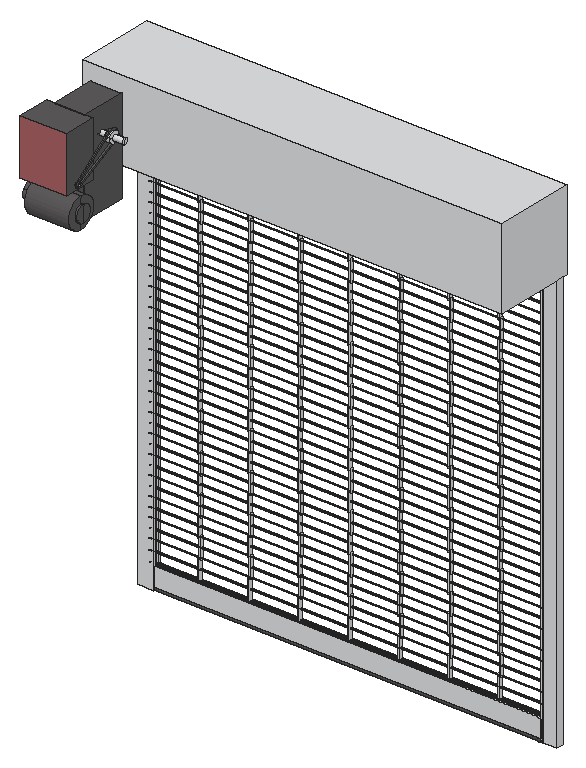
Revit family "Overhead_Door-CHI-LiftReady", category Specialty Equipment, host Wall, Revit 2025
Family settings
  Host = Wall
  Round Connector Dimension = Use Diameter
  Part Type = Normal
  OmniClass Number = 23.30.10.21
  OmniClass Title = Special Function Doors
  Enable Cutting in Views = No
  Always vertical = Yes
  Cut with Voids When Loaded = No
  Maintain Annotation Orientation = No
  Shared = No
  Room Calculation Point = No
Parameters (values of type "Not a Type - Load Type Catalog")
  Warranty URL = "https://www.chiohd.com/support/warranty"
  Version = "2021-v1.a"  # constant formula
  URL = "https://www.chiohd.com/"
  Support Phone = "(224) 699-9545"  # constant formula
  Support Email = "mailto:support@bimsmith.com"
  Product Page URL = "Contact Manufacturer for More Information"
  Product Documentation Link = "Contact Manufacturer for More Information"
  Portcullis = not(Labyrinth)  # yes
  Operator NOTE [instance] = "Determined sizes require a motor operator, please contact the manufacturer for more information"  # constant formula
  Operator Guide [instance] = "1 - Motor Operator - DJ\r\n2 - Motor Operator - DHJ\r\n3 - Manual Operated"  # constant formula
  Desired Opening Width [instance] = 72.00"
  Desired Opening Height [instance] = 72.00"
  C Panel Thickness [instance] = 0.75"  # constant formula
  Operator [instance] = 1
  Opening Width [instance] = if(C Desired Opening Width < Min Width, Min Width, if(C Desired Opening Width > Max Width, Max Width, C Desired Opening Width))  # 72.00"
  Opening Height [instance] = if(C Desired Opening Height < Min Height, Min Height, if(C Desired Opening Height > Max Height, Max Height, C Desired Opening Height))  # 72.00"
  Motor Operator - DJ [instance] = Operator = 1  # yes
  Motor Operator - DHJ [instance] = Operator = 2  # no
  Motor Operated [instance] = or(Operator = 1, Operator = 2)  # yes
  Model = if(Labyrinth, "Labyrinth", "Portcullis")  # "Portcullis"
  Material = Steel - C.H.I Overhead Doors - Clear
  Manufacturer Phone Number = "800-738-5006"  # constant formula
  Manufacturer Fax Number = "800-677-2650"  # constant formula
  Manufacturer Email = "mailto:aia@chiohd.com"
  Manufacturer Address = "1485 Sunrise Drive, Arthur, IL 61911"  # constant formula
  Manufacturer = "C.H.I. Overhead Doors"  # constant formula
  Manual Operated [instance] = Operator = 3  # no
  Labyrinth = no
  Keynote = "08110"
  C Desired Opening Height [instance] = if(or(Desired Opening Height < 36.00", and(Desired Opening Height > 36.00", Desired Opening Height < 48.00"), Desired Opening Height = 36.00"), 36.00", if(or(and(Desired Opening Height > 48.00", Desired Opening Height < 60.00"), Desired Opening Height = 48.00"), 48.00", if(or(and(Desired Opening Height > 60.00", Desired Opening Height < 72.00"), Desired Opening Height = 60.00"), 60.00", if(or(and(Desired Opening Height > 72.00", Desired Opening Height < 84.00"), Desired Opening Height = 72.00"), 72.00", if(or(and(Desired Opening Height > 84.00", Desired Opening Height < 96.00"), Desired Opening Height = 84.00"), 84.00", if(or(and(Desired Opening Height > 96.00", Desired Opening Height < 108.00"), Desired Opening Height = 96.00"), 96.00", if(or(and(Desired Opening Height > 108.00", Desired Opening Height < 120.00"), Desired Opening Height = 108.00"), 108.00", if(or(and(Desired Opening Height > 120.00", Desired Opening Height < 132.00"), Desired Opening Height = 120.00"), 120.00", if(or(and(Desired Opening Height > 132.00", Desired Opening Height < 144.00"), Desired Opening Height = 132.00"), 132.00", if(or(and(Desired Opening Height > 144.00", Desired Opening Height < 150.00"), Desired Opening Height = 144.00"), 144.00", if(or(Desired Opening Height > 150.00", Desired Opening Height = 150.00"), 150.00", 150.00")))))))))))  # 72.00"
  C Desired Opening Width [instance] = if(or(Desired Opening Width < 48.00", and(Desired Opening Width > 48.00", Desired Opening Width < 60.00"), Desired Opening Width = 48.00"), 48.00", if(or(and(Desired Opening Width > 60.00", Desired Opening Width < 72.00"), Desired Opening Width = 60.00"), 60.00", if(or(and(Desired Opening Width > 72.00", Desired Opening Width < 84.00"), Desired Opening Width = 72.00"), 72.00", if(or(and(Desired Opening Width > 84.00", Desired Opening Width < 96.00"), Desired Opening Width = 84.00"), 84.00", if(or(and(Desired Opening Width > 96.00", Desired Opening Width < 108.00"), Desired Opening Width = 96.00"), 96.00", if(or(and(Desired Opening Width > 108.00", Desired Opening Width < 132.00"), Desired Opening Width = 108.00"), 108.00", if(or(and(Desired Opening Width > 132.00", Desired Opening Width < 144.00"), Desired Opening Width = 132.00"), 132.00", if(or(and(Desired Opening Width > 144.00", Desired Opening Width < 156.00"), Desired Opening Width = 144.00"), 144.00", if(or(and(Desired Opening Width > 156.00", Desired Opening Width < 164.00"), Desired Opening Width = 156.00"), 156.00", if(or(and(Desired Opening Width > 164.00", Desired Opening Width < 180.00"), Desired Opening Width = 164.00"), 164.00", if(or(and(Desired Opening Width > 180.00", Desired Opening Width < 192.00"), Desired Opening Width = 180.00"), 180.00", if(or(and(Desired Opening Width > 192.00", Desired Opening Width < 204.00"), Desired Opening Width = 192.00"), 192.00", if(or(and(Desired Opening Width > 204.00", Desired Opening Width < 216.00"), Desired Opening Width = 204.00"), 204.00", if(or(and(Desired Opening Width > 216.00", Desired Opening Width < 228.00"), Desired Opening Width = 216.00"), 216.00", if(or(and(Desired Opening Width > 228.00", Desired Opening Width < 240.00"), Desired Opening Width = 228.00"), 228.00", if(or(and(Desired Opening Width > 240.00", Desired Opening Width < 252.00"), Desired Opening Width = 240.00"), 240.00", if(or(and(Desired Opening Width > 252.00", Desired Opening Width < 264.00"), Desired Opening Width = 252.00"), 252.00", if(or(and(Desired Opening Width > 264.00", Desired Opening Width < 276.00"), Desired Opening Width = 264.00"), 264.00", if(or(and(Desired Opening Width > 276.00", Desired Opening Width < 288.00"), Desired Opening Width = 276.00"), 276.00", if(or(Desired Opening Width > 288.00", Desired Opening Width = 288.00"), 288.00", 288.00"))))))))))))))))))))  # 72.00"
  Desired Centerline Offset [instance] = 0.00"
  Description = "Lift Ready Series"  # constant formula
  Default Elevation = 0.00"
  Copyright = "©2024 C.H.I. Overhead Doors - a NUCOR® company All information presented is based on the specifications and features available at the time of printing and is subject to change without notice."  # constant formula
  Centerline Offset [instance] = if(Desired Centerline Offset < -24.00", -24.00", if(Desired Centerline Offset > 24.00", 24.00", Desired Centerline Offset))  # 0.00"
  Min Width [instance] = 48.00"  # constant formula
  Min Height [instance] = 36.00"  # constant formula
  Max Width [instance] = if(C Max Height Check, 240.00", 288.00")  # 288.00"
  Max Height [instance] = if(C Desired Opening Width > 240.00", 144.00", 150.00")  # 150.00"
  C Side Width = 3.00"  # constant formula
  C Side Overlap = 1.50"  # constant formula
  C Side Height [instance] = C Panel Height  # 78.00"
  C Panel Width [instance] = Opening Width + C Side Overlap * 2  # 75.00"
  C Panel Height [instance] = Opening Height + C Ceiling Upset  # 78.00"
  C Max Height Check [instance] = if(C Desired Opening Height > 144.00", 1 = 1, 1 = 0)  # no
  C Endplate Height = 15.00"  # constant formula
  C Endplate Depth = 15.00"  # constant formula
  C Door Offset [instance] = Centerline Offset + 24.00"  # 24.00"
  C Ceiling Upset = 6.00"  # constant formula
  Assembly Code = "B2030410"
Reference planes (in)
  plane 1: y = 0
  plane 2 "Center (Left/Right)": x = 0
  plane 3 "Wall Edge": y = 3
  plane 4: z = 0
  plane 5: z = 72
  plane 6: x = -36
  plane 7: x = 36
  plane 8: y = -21
  plane 9: y = -12
  plane 10: z = 78
  plane 11: z = 93
  plane 12: y = 3
  plane 13: x = -39
  plane 14: x = 39
  plane 15: y = 2.25
  plane 16: y = 1.5
  plane 17: y = 15
  plane 18: z = 90
Forms (in)
  Extrusion 1, solid, material "Steel - C.H.I Overhead Doors - Clear" <- "Material"
    sketch origin (0, 0, 0) x (0, 1, 0) y (0, 0, 1)
      loop
        line (3, 93) -> (-12, 93) -> (-12, 78) -> (3, 78) -> (3, 93)
    from -39 to 39
  Extrusion 2, void
    sketch origin (0, 0, 0) x (1, 0, 0) y (0, 1, 0)
      loop
        line (39, 3) -> (-39, 3) -> (-39, -12) -> (39, -12) -> (39, 3)
    from 0 to 93
  Extrusion 3, void
    sketch origin (0, 3, 0) x (1, 0, 0) y (0, 0, 1)
      loop
        line (36, 72) -> (-36, 72) -> (-36, 0) -> (36, 0) -> (36, 72)
    from -12 to 24
Text (in)
  text "Placement Side" at (0, 40.15149, 123.01588), in view "Right"
  text "Placement Side" at (-70.3804, 28.46503, 0), in view "Ref. Level"
  text "Placement Side" at (0, 81.62555, 140.59947), in view "Left"
Dimensions and locks (in)
  locked: plane 3 "Wall Edge" to host wall
  equal spacing: plane 6, plane 2 "Center (Left/Right)", plane 7
  "Opening Height": plane 4 to plane 5
  "Opening Width": plane 6 to plane 7
  locked: plane 8 to plane 3 "Wall Edge" at 24
  "C Ceiling Upset": plane 5 to plane 10
  "C Endplate Height": plane 10 to plane 11
  "C Endplate Depth": plane 12 to plane 9
  "C Side Width": plane 13 to plane 6
  "C Side Width": plane 7 to plane 14
  locked: plane 15 to plane 12 at 0.75
  locked: plane 15 to plane 16 at 0.75
  "C Door Offset": plane 12 to plane 8
  locked: plane 17 to plane 3 "Wall Edge" at 12
  locked: plane 11 to plane 18 at 3
  aligned and locked: plane 4 to nested 1
  aligned and locked: plane 2 "Center (Left/Right)" to nested 1
  aligned and locked: plane 11 to Extrusion 1 sketch curve
  aligned and locked: plane 12 to Extrusion 1 sketch curve
  aligned and locked: Extrusion 1 sketch curve to plane 9
  aligned and locked: Extrusion 1 sketch curve to plane 10
  aligned and locked: plane 13 to nested 2
  aligned and locked: nested 2 to plane 15
  aligned and locked: plane 14 to nested 3
  aligned and locked: plane 15 to nested 3
  aligned and locked: Extrusion 1 to nested 3
  aligned and locked: Extrusion 1 to nested 2
  aligned and locked: nested 1 to plane 16
  aligned and locked: Extrusion 2 sketch curve to Extrusion 1  (x4)
  aligned and locked: plane 11 to Extrusion 2
  aligned and locked: plane 5 to Extrusion 3 sketch curve
  aligned and locked: plane 7 to Extrusion 3 sketch curve
  aligned and locked: plane 6 to Extrusion 3 sketch curve
  aligned and locked: plane 4 to Extrusion 3 sketch curve
  aligned and locked: Extrusion 3 to plane 8
  aligned and locked: Extrusion 3 to plane 17
  aligned and locked: plane 13 to nested 4
  aligned and locked: nested 4 to Extrusion 1
  aligned and locked: plane 9 to nested 5
  aligned and locked: plane 13 to nested 5
  aligned and locked: nested 4 to plane 18
  aligned and locked: nested 5 to plane 18
Nested families (in)
  nested 1: "Nested - Panel" at (-37.5, 1.5, 4.09375), type "Nested - Panel"
  nested 2: "Nested-Sides" at (-39, 2.25, 0), type "Default"
  nested 3: "Nested-Sides" at (39, 2.25, 0) x (-1, 0, 0) z (0, 0, 1), type ""
  nested 4: "Nested - DJ" at (-34.69759, -12, 72.34678) x (1, 0, 0) z (0, -1, 0), visible <- "Motor Operator - DJ", type "Family1"
  nested 5: "Nested - DHJ" at (-35.25, -12, 72.34678) x (1, 0, 0) z (0, -1, 0), visible <- "Motor Operator - DHJ", type "Nested - DHJ"
Definition of nested family "Nested - Panel"
  Parameters (values of type "Nested - Panel")
    String Panel Height = 1.75" * 2  # 3.50"
    String Diameter = 0.25"  # constant formula
    String Count = (Panel Height / String Panel Height) - 1  # 20
    Side Overlap = 1.50"
    Second Joint Offset = if(Intercalated, Horizontal String Panel Separation Middle, 0.00")  # 0.00"
    Panel Width = 75.00"
    Panel Real Height = 78.00"
    Panel Height = Panel Real Height - Bottom Height  # 73.90625"
    Last Panel Height = Panel Height - (String Count * String Panel Height)  # 3.90625"
    Last Joint B = not(Last Joint A)  # no
    Last Joint A = Joint Count A = Joint Count B  # yes
    Joint Thickness = 0.25"
    Joint Horizontal Count B = Joint Horizontal Count A  # 9
    Joint Horizontal Count A = roundup(Panel Width / Horizontal String Panel Separation)  # 9
    Joint Count B = String Count - Joint Count A  # 10
    Joint Count A = roundup(String Count / 2)  # 10
    Intercalated = no
    Horizontal String Panel Separation Middle = Horizontal String Panel Separation / 2  # 4.50"
    Horizontal String Panel Separation = 9.00"  # constant formula
    Finish = none
    Default Elevation = 0.00"
    Bottom Height = 4.09375"  # constant formula
  Reference planes (in)
    plane 1 "Center (Front/Back)": y = 0
    plane 2: z = 0
    plane 3 "Center (Left/Right)": x = 0
    plane 4: x = 75
    plane 5: z = 73.90625
    plane 6: z = 70.40625
    plane 7: z = 3.90625
    plane 8: z = 7.40625
    plane 9: z = 66.90625
    plane 10: x = 0.25
    plane 11: x = 0.25
    plane 12: z = 63.40625
    plane 13: x = 74.75
    plane 14: x = 74.75
    plane 15: x = 37.5
    plane 16: z = -4.09375
    plane 17: z = 73.90625
    plane 18: x = 1.5
    plane 19: x = 73.5
  Forms (in)
    Extrusion 1, solid, material <- "Finish"
      sketch origin (-10.44208, -13.66245, -4.09449) x (0, 1, 0) y (0, 0, 1)
        loop
          arc (13.18829, 4.09449) -> (13.08776, 4.05285) -> (13.04612, 3.95232) r 0.14217
          line (13.04612, 3.95232) -> (13.04612, 0.49492) -> (14.27878, 0.49492) -> (14.27878, 3.95232)
          arc (14.27878, 3.95232) -> (14.23714, 4.05285) -> (14.13661, 4.09449) r 0.14217
          line (14.13661, 4.09449) -> (13.91245, 4.09449)
          arc (13.91245, 4.09449) -> (13.66245, 3.84449) -> (13.41245, 4.09449) r 0.25
          line (13.41245, 4.09449) -> (13.18829, 4.09449)
      from 11.94208 to 83.94208
    Extrusion 2, solid
      sketch origin (-10.44208, -13.66245, -4.09449) x (0, 1, 0) y (0, 0, 1)
        loop
          line (14.27878, 0.49492) -> (13.04612, 0.49492)
          arc (13.04612, 0.49492) -> (12.9469, 0.24746) -> (13.04612, 0) r 0.35821
          line (13.04612, 0) -> (14.27878, 0)
          arc (14.27878, 0) -> (14.378, 0.24746) -> (14.27878, 0.49492) r 0.35821
      from 11.94208 to 83.94208
  Dimensions and locks (in)
    "Panel Width": plane 3 "Center (Left/Right)" to plane 4
    "Panel Height": plane 5 to level
    "String Panel Height": plane 5 to plane 6
    "Last Panel Height": plane 7 to plane 2
    "String Panel Height": plane 8 to plane 7
    "String Panel Height": plane 6 to plane 9
    "Joint Thickness": plane 10 to plane 3 "Center (Left/Right)"
    equal spacing: group 1, group 2, group 3, group 4, group 5, group 35, group 36, group 61, group 152, group 153  (x2)
    equal spacing: group 153, group 152, group 61, group 36, group 35, group 5, group 4, group 3, group 2, group 1
    equal spacing: group 7, group 8, group 9, group 10, group 11, group 12, group 13, group 14, group 15, group 37, group 38, group 39, group 40, group 62, group 63, group 162, group 163, group 164, group 165, group 166  (x2)
    equal spacing: group 166, group 165, group 164, group 163, group 162, group 63, group 62, group 40, group 39, group 38, group 37, group 15, group 14, group 13, group 12, group 11, group 10, group 9, group 8, group 7
    "Second Joint Offset": plane 10 to plane 11
    equal spacing: group 16, group 17, group 18, group 19, group 33, group 34, group 59, group 135, group 136, group 137  (x2)
    equal spacing: group 137, group 136, group 135, group 59, group 34, group 33, group 19, group 18, group 17, group 16
    "String Panel Height": plane 9 to plane 12
    plane 4 to plane 14 to plane 13 = 0.25", 0.00"
    "Joint Thickness": plane 4 to plane 14
    "Second Joint Offset": plane 13 to plane 14
    equal spacing: group 21, group 23, group 24, group 25, group 26, group 167, group 168, group 169, group 22  (x3)
    equal spacing: group 27, group 29, group 30, group 31, group 32, group 170, group 171, group 172, group 28  (x3)
    equal spacing: plane 4, plane 15, plane 3 "Center (Left/Right)"
    equal spacing: group 42, group 43, group 44, group 45, group 46, group 47, group 48, group 60, group 154, group 155  (x2)
    equal spacing: group 155, group 154, group 60, group 48, group 47, group 46, group 45, group 44, group 43, group 42
    equal spacing: group 41, group 71, group 80, group 89, group 98, group 180, group 191, group 202, group 49  (x3)
    equal spacing: group 51, group 52, group 53, group 54, group 55, group 56, group 58, group 138, group 139, group 140  (x2)
    equal spacing: group 140, group 139, group 138, group 58, group 56, group 55, group 54, group 53, group 52, group 51
    equal spacing: group 50, group 106, group 114, group 122, group 130, group 212, group 223, group 234, group 57  (x3)
    equal spacing: group 64, group 65, group 66, group 67, group 68, group 69, group 70, group 72, group 156, group 157  (x2)
    equal spacing: group 157, group 156, group 72, group 70, group 69, group 68, group 67, group 66, group 65, group 64
    equal spacing: group 73, group 74, group 75, group 76, group 77, group 78, group 79, group 81, group 158, group 159  (x2)
    equal spacing: group 159, group 158, group 81, group 79, group 78, group 77, group 76, group 75, group 74, group 73
    equal spacing: group 82, group 83, group 84, group 85, group 86, group 87, group 88, group 90, group 160, group 161  (x2)
    equal spacing: group 161, group 160, group 90, group 88, group 87, group 86, group 85, group 84, group 83, group 82
    equal spacing: group 91, group 92, group 93, group 94, group 95, group 96, group 97, group 99, group 150, group 151  (x2)
    equal spacing: group 151, group 150, group 99, group 97, group 96, group 95, group 94, group 93, group 92, group 91
    equal spacing: group 100, group 101, group 102, group 103, group 104, group 105, group 107, group 141, group 142, group 143  (x2)
    equal spacing: group 143, group 142, group 141, group 107, group 105, group 104, group 103, group 102, group 101, group 100
    equal spacing: group 108, group 109, group 110, group 111, group 112, group 113, group 115, group 144, group 145, group 146  (x2)
    equal spacing: group 146, group 145, group 144, group 115, group 113, group 112, group 111, group 110, group 109, group 108
    equal spacing: group 116, group 117, group 118, group 119, group 120, group 121, group 123, group 147, group 148, group 149  (x2)
    equal spacing: group 149, group 148, group 147, group 123, group 121, group 120, group 119, group 118, group 117, group 116
    equal spacing: group 124, group 125, group 126, group 127, group 128, group 129, group 131, group 132, group 133, group 134  (x2)
    equal spacing: group 134, group 133, group 132, group 131, group 129, group 128, group 127, group 126, group 125, group 124
    "Bottom Height": level to plane 16
    "Panel Real Height": plane 17 to plane 16
    "Side Overlap": plane 18 to plane 3 "Center (Left/Right)"
    "Side Overlap": plane 4 to plane 19
    equal spacing: group 173, group 174, group 175, group 176, group 177, group 178, group 179, group 181, group 182, group 183  (x2)
    equal spacing: group 183, group 182, group 181, group 179, group 178, group 177, group 176, group 175, group 174, group 173
    equal spacing: group 184, group 185, group 186, group 187, group 188, group 189, group 190, group 192, group 193, group 194  (x2)
    equal spacing: group 194, group 193, group 192, group 190, group 189, group 188, group 187, group 186, group 185, group 184
    equal spacing: group 195, group 196, group 197, group 198, group 199, group 200, group 201, group 203, group 204, group 205  (x2)
    equal spacing: group 205, group 204, group 203, group 201, group 200, group 199, group 198, group 197, group 196, group 195
    equal spacing: group 206, group 207, group 208, group 209, group 210, group 211, group 213, group 214, group 215, group 216  (x2)
    equal spacing: group 216, group 215, group 214, group 213, group 211, group 210, group 209, group 208, group 207, group 206
    equal spacing: group 217, group 218, group 219, group 220, group 221, group 222, group 224, group 225, group 226, group 227  (x2)
    equal spacing: group 227, group 226, group 225, group 224, group 222, group 221, group 220, group 219, group 218, group 217
    equal spacing: group 228, group 229, group 230, group 231, group 232, group 233, group 235, group 236, group 237, group 238  (x2)
    equal spacing: group 238, group 237, group 236, group 235, group 233, group 232, group 231, group 230, group 229, group 228
    aligned and locked: plane 2 to level
    aligned and locked: plane 3 "Center (Left/Right)" to nested 1
    aligned and locked: plane 1 "Center (Front/Back)" to nested 1
    aligned and locked: nested 1 to plane 5
    aligned and locked: nested 2 to plane 7
    aligned and locked: plane 3 "Center (Left/Right)" to nested 2
    aligned and locked: plane 3 "Center (Left/Right)" to nested 3
    aligned and locked: plane 1 "Center (Front/Back)" to nested 3
    aligned and locked: plane 3 "Center (Left/Right)" to nested 4
    aligned and locked: nested 9 to plane 6
    aligned and locked: plane 3 "Center (Left/Right)" to nested 9
    aligned and locked: plane 1 "Center (Front/Back)" to nested 17
    aligned and locked: plane 6 to nested 17
    aligned and locked: plane 11 to nested 17
    aligned and locked: plane 11 to nested 18
    aligned and locked: plane 7 to nested 22
    aligned and locked: plane 7 to nested 23
    aligned and locked: plane 3 "Center (Left/Right)" to nested 22
    aligned and locked: plane 11 to nested 23
    aligned and locked: nested 24 to plane 7
    aligned and locked: nested 29 to plane 7
    aligned and locked: plane 4 to nested 29
    aligned and locked: plane 1 "Center (Front/Back)" to nested 22
    aligned and locked: plane 1 "Center (Front/Back)" to nested 23
    aligned and locked: plane 1 "Center (Front/Back)" to nested 29
    aligned and locked: plane 1 "Center (Front/Back)" to nested 24
    aligned and locked: plane 3 "Center (Left/Right)" to nested 37
    aligned and locked: plane 5 to nested 3
    aligned and locked: plane 12 to nested 18
    aligned and locked: plane 9 to nested 4
    aligned and locked: nested 42 to plane 5
    aligned and locked: plane 13 to nested 42
    aligned and locked: nested 49 to plane 6
    aligned and locked: plane 4 to nested 49
    aligned and locked: plane 6 to nested 49
    aligned and locked: nested 24 to plane 13
    aligned and locked: Extrusion 1 to plane 18
    aligned and locked: Extrusion 2 to plane 18
    aligned and locked: plane 19 to Extrusion 2
    aligned and locked: plane 19 to Extrusion 1
    aligned and locked: plane 2 to Extrusion 1 sketch curve
  Automatic sketch dimensions
    Extrusion 2 sketch curve to level = 4.09449"
    plane 1 "Center (Front/Back)" to Extrusion 2 sketch curve = 0.61633"
    Extrusion 2 sketch curve to Extrusion 2 sketch curve = 0.00"
    plane 1 "Center (Front/Back)" to Extrusion 2 sketch curve = 0.35734"
    Extrusion 2 sketch curve to plane 1 "Center (Front/Back)" = 0.35734"
    Extrusion 2 sketch curve to Extrusion 2 sketch curve = 0.25899"  (x2)
    Extrusion 2 sketch curve to level = 3.84703"
    Extrusion 1 sketch curve to level = 0.14217"  (x2)
    Extrusion 1 sketch curve to plane 1 "Center (Front/Back)" = 0.47416"
    Extrusion 1 sketch curve to plane 16 = 0.49419"
    Extrusion 1 sketch curve to plane 1 "Center (Front/Back)" = 0.00"
    Extrusion 1 sketch curve to Extrusion 1 sketch curve = 0.22416"
    plane 1 "Center (Front/Back)" to Extrusion 1 sketch curve = 0.25"
  Nested families (in)
    nested 1: "Nested - Horizontal Strings" at (0, 0, 70.40625), Panel Height <- "String Panel Height", type ""
      with Panel Height 3.50", Last String no
    nested 2: "Nested - Horizontal Strings" at (0, 0, 0), Panel Height <- "Last Panel Height", type ""
      with Panel Height 3.90625", Last String yes
    nested 3: "Nested - Joints" at (0, 0, 70.40625), type ""
      with Panel Height 3.50"
    nested 4: "Nested - Joints" at (0, 0, 63.40625), type ""
      with Panel Height 3.50"
    nested 5: "Nested - Joints" at (0, 0, 56.40625), type ""
      with Panel Height 3.50"
    nested 6: "Nested - Joints" at (0, 0, 49.40625), type ""
      with Panel Height 3.50"
    nested 7: "Nested - Joints" at (0, 0, 42.40625), type ""
      with Panel Height 3.50"
    nested 8: "Nested - Joints" at (0, 0, 46.51548), type ""
      with Panel Height 3.50"
    nested 9: "Nested - Horizontal Strings" at (0, 0, 66.90625), Panel Height <- "String Panel Height", type ""
      with Panel Height 3.50", Last String no
    nested 10: "Nested - Horizontal Strings" at (0, 0, 63.40625), Panel Height <- "String Panel Height", type ""
      with Panel Height 3.50", Last String no
    nested 11: "Nested - Horizontal Strings" at (0, 0, 59.90625), Panel Height <- "String Panel Height", type ""
      with Panel Height 3.50", Last String no
    nested 12: "Nested - Horizontal Strings" at (0, 0, 56.40625), Panel Height <- "String Panel Height", type ""
      with Panel Height 3.50", Last String no
    nested 13: "Nested - Horizontal Strings" at (0, 0, 52.90625), Panel Height <- "String Panel Height", type ""
      with Panel Height 3.50", Last String no
    nested 14: "Nested - Horizontal Strings" at (0, 0, 49.40625), Panel Height <- "String Panel Height", type ""
      with Panel Height 3.50", Last String no
    nested 15: "Nested - Horizontal Strings" at (0, 0, 45.90625), Panel Height <- "String Panel Height", type ""
      with Panel Height 3.50", Last String no
    nested 16: "Nested - Horizontal Strings" at (0, 0, 42.40625), Panel Height <- "String Panel Height", type ""
      with Panel Height 3.50", Last String no
    nested 17: "Nested - Joints" at (0.25, 0, 66.90625), type ""
      with Panel Height 3.50"
    nested 18: "Nested - Joints" at (0.25, 0, 59.90625), type ""
      with Panel Height 3.50"
    nested 19: "Nested - Joints" at (0.25, 0, 52.90625), type ""
      with Panel Height 3.50"
    nested 20: "Nested - Joints" at (0.25, 0, 45.90625), type ""
      with Panel Height 3.50"
    nested 21: "Nested - Joints" at (1.92128, 0, 62), type ""
      with Panel Height 3.50"
    nested 22: "Nested - Joints" at (0, 0, 0), Panel Height <- "Last Panel Height", visible <- "Last Joint A", type ""
      with Panel Height 3.90625"
    nested 23: "Nested - Joints" at (0.25, 0, 0), Panel Height <- "Last Panel Height", visible <- "Last Joint B", type ""
      with Panel Height 3.90625"
    nested 24: "Nested - Joints" at (74.5, 0, 0), Panel Height <- "Last Panel Height", visible <- "Last Joint A", type ""
      with Panel Height 3.90625"
    nested 25: "Nested - Joints" at (9.3125, 0, 0), Panel Height <- "Last Panel Height", visible <- "Last Joint A", type ""
      with Panel Height 3.90625"
    nested 26: "Nested - Joints" at (18.625, 0, 0), Panel Height <- "Last Panel Height", visible <- "Last Joint A", type ""
      with Panel Height 3.90625"
    nested 27: "Nested - Joints" at (27.9375, 0, 0), Panel Height <- "Last Panel Height", visible <- "Last Joint A", type ""
      with Panel Height 3.90625"
    nested 28: "Nested - Joints" at (37.25, 0, 0), Panel Height <- "Last Panel Height", visible <- "Last Joint A", type ""
      with Panel Height 3.90625"
    nested 29: "Nested - Joints" at (74.75, 0, 0), Panel Height <- "Last Panel Height", visible <- "Last Joint B", type ""
      with Panel Height 3.90625"
    nested 30: "Nested - Joints" at (9.5625, 0, 0), Panel Height <- "Last Panel Height", visible <- "Last Joint B", type ""
      with Panel Height 3.90625"
    nested 31: "Nested - Joints" at (18.875, 0, 0), Panel Height <- "Last Panel Height", visible <- "Last Joint B", type ""
      with Panel Height 3.90625"
    nested 32: "Nested - Joints" at (28.1875, 0, 0), Panel Height <- "Last Panel Height", visible <- "Last Joint B", type ""
      with Panel Height 3.90625"
    nested 33: "Nested - Joints" at (37.5, 0, 0), Panel Height <- "Last Panel Height", visible <- "Last Joint B", type ""
      with Panel Height 3.90625"
    nested 34: "Nested - Joints" at (0.25, 0, 38.90625), type ""
      with Panel Height 3.50"
    nested 35: "Nested - Joints" at (0.25, 0, 31.90625), type ""
      with Panel Height 3.50"
    nested 36: "Nested - Joints" at (0, 0, 35.40625), type ""
      with Panel Height 3.50"
    nested 37: "Nested - Joints" at (0, 0, 28.40625), type ""
      with Panel Height 3.50"
    nested 38: "Nested - Horizontal Strings" at (0, 0, 38.90625), Panel Height <- "String Panel Height", type ""
      with Panel Height 3.50", Last String no
    nested 39: "Nested - Horizontal Strings" at (0, 0, 35.40625), Panel Height <- "String Panel Height", type ""
      with Panel Height 3.50", Last String no
    nested 40: "Nested - Horizontal Strings" at (0, 0, 31.90625), Panel Height <- "String Panel Height", type ""
      with Panel Height 3.50", Last String no
    nested 41: "Nested - Horizontal Strings" at (0, 0, 28.40625), Panel Height <- "String Panel Height", type ""
      with Panel Height 3.50", Last String no
    nested 42: "Nested - Joints" at (74.5, 0, 70.40625), type ""
      with Panel Height 3.50"
    nested 43: "Nested - Joints" at (74.5, 0, 63.40625), type ""
      with Panel Height 3.50"
    nested 44: "Nested - Joints" at (74.5, 0, 56.40625), type ""
      with Panel Height 3.50"
    nested 45: "Nested - Joints" at (74.5, 0, 49.40625), type ""
      with Panel Height 3.50"
    nested 46: "Nested - Joints" at (74.5, 0, 42.40625), type ""
      with Panel Height 3.50"
    nested 47: "Nested - Joints" at (74.5, 0, 35.40625), type ""
      with Panel Height 3.50"
    nested 48: "Nested - Joints" at (74.5, 0, 28.40625), type ""
      with Panel Height 3.50"
    nested 49: "Nested - Joints" at (74.75, 0, 66.90625), type ""
      with Panel Height 3.50"
    nested 50: "Nested - Joints" at (74.75, 0, 59.90625), type ""
      with Panel Height 3.50"
    nested 51: "Nested - Joints" at (74.75, 0, 52.90625), type ""
      with Panel Height 3.50"
    nested 52: "Nested - Joints" at (74.75, 0, 45.90625), type ""
      with Panel Height 3.50"
    nested 53: "Nested - Joints" at (74.75, 0, 38.90625), type ""
      with Panel Height 3.50"
    nested 54: "Nested - Joints" at (74.75, 0, 31.90625), type ""
      with Panel Height 3.50"
    nested 55: "Nested - Joints" at (74.75, 0, 24.90625), type ""
      with Panel Height 3.50"
    nested 56: "Nested - Joints" at (0.25, 0, 24.90625), type ""
      with Panel Height 3.50"
    nested 57: "Nested - Joints" at (74.5, 0, 21.40625), type ""
      with Panel Height 3.50"
    nested 58: "Nested - Joints" at (0, 0, 21.40625), type ""
      with Panel Height 3.50"
    nested 59: "Nested - Horizontal Strings" at (0, 0, 24.90625), Panel Height <- "String Panel Height", type ""
      with Panel Height 3.50", Last String no
    nested 60: "Nested - Horizontal Strings" at (0, 0, 21.40625), Panel Height <- "String Panel Height", type ""
      with Panel Height 3.50", Last String no
    nested 61: "Nested - Joints" at (9.3125, 0, 70.40625), type ""
      with Panel Height 3.50"
    nested 62: "Nested - Joints" at (9.3125, 0, 63.40625), type ""
      with Panel Height 3.50"
    nested 63: "Nested - Joints" at (9.3125, 0, 56.40625), type ""
      with Panel Height 3.50"
    nested 64: "Nested - Joints" at (9.3125, 0, 49.40625), type ""
      with Panel Height 3.50"
    nested 65: "Nested - Joints" at (9.3125, 0, 42.40625), type ""
      with Panel Height 3.50"
    nested 66: "Nested - Joints" at (9.3125, 0, 35.40625), type ""
      with Panel Height 3.50"
    nested 67: "Nested - Joints" at (9.3125, 0, 28.40625), type ""
      with Panel Height 3.50"
    nested 68: "Nested - Joints" at (9.3125, 0, 21.40625), type ""
      with Panel Height 3.50"
    nested 69: "Nested - Joints" at (18.625, 0, 70.40625), type ""
      with Panel Height 3.50"
    nested 70: "Nested - Joints" at (18.625, 0, 63.40625), type ""
      with Panel Height 3.50"
    nested 71: "Nested - Joints" at (18.625, 0, 56.40625), type ""
      with Panel Height 3.50"
    nested 72: "Nested - Joints" at (18.625, 0, 49.40625), type ""
      with Panel Height 3.50"
    nested 73: "Nested - Joints" at (18.625, 0, 42.40625), type ""
      with Panel Height 3.50"
    nested 74: "Nested - Joints" at (18.625, 0, 35.40625), type ""
      with Panel Height 3.50"
    nested 75: "Nested - Joints" at (18.625, 0, 28.40625), type ""
      with Panel Height 3.50"
    nested 76: "Nested - Joints" at (18.625, 0, 21.40625), type ""
      with Panel Height 3.50"
    nested 77: "Nested - Joints" at (27.9375, 0, 70.40625), type ""
      with Panel Height 3.50"
    nested 78: "Nested - Joints" at (27.9375, 0, 63.40625), type ""
      with Panel Height 3.50"
    nested 79: "Nested - Joints" at (27.9375, 0, 56.40625), type ""
      with Panel Height 3.50"
    nested 80: "Nested - Joints" at (27.9375, 0, 49.40625), type ""
      with Panel Height 3.50"
    nested 81: "Nested - Joints" at (27.9375, 0, 42.40625), type ""
      with Panel Height 3.50"
    nested 82: "Nested - Joints" at (27.9375, 0, 35.40625), type ""
      with Panel Height 3.50"
    nested 83: "Nested - Joints" at (27.9375, 0, 28.40625), type ""
      with Panel Height 3.50"
    nested 84: "Nested - Joints" at (27.9375, 0, 21.40625), type ""
      with Panel Height 3.50"
    nested 85: "Nested - Joints" at (37.25, 0, 70.40625), type ""
      with Panel Height 3.50"
    nested 86: "Nested - Joints" at (37.25, 0, 63.40625), type ""
      with Panel Height 3.50"
    nested 87: "Nested - Joints" at (37.25, 0, 56.40625), type ""
      with Panel Height 3.50"
    nested 88: "Nested - Joints" at (37.25, 0, 49.40625), type ""
      with Panel Height 3.50"
    nested 89: "Nested - Joints" at (37.25, 0, 42.40625), type ""
      with Panel Height 3.50"
    nested 90: "Nested - Joints" at (37.25, 0, 35.40625), type ""
      with Panel Height 3.50"
    nested 91: "Nested - Joints" at (37.25, 0, 28.40625), type ""
      with Panel Height 3.50"
    nested 92: "Nested - Joints" at (37.25, 0, 21.40625), type ""
      with Panel Height 3.50"
    nested 93: "Nested - Joints" at (9.5625, 0, 66.90625), type ""
      with Panel Height 3.50"
    nested 94: "Nested - Joints" at (9.5625, 0, 59.90625), type ""
      with Panel Height 3.50"
    nested 95: "Nested - Joints" at (9.5625, 0, 52.90625), type ""
      with Panel Height 3.50"
    nested 96: "Nested - Joints" at (9.5625, 0, 45.90625), type ""
      with Panel Height 3.50"
    nested 97: "Nested - Joints" at (9.5625, 0, 38.90625), type ""
      with Panel Height 3.50"
    nested 98: "Nested - Joints" at (9.5625, 0, 31.90625), type ""
      with Panel Height 3.50"
    nested 99: "Nested - Joints" at (9.5625, 0, 24.90625), type ""
      with Panel Height 3.50"
    nested 100: "Nested - Joints" at (18.875, 0, 66.90625), type ""
      with Panel Height 3.50"
    nested 101: "Nested - Joints" at (18.875, 0, 59.90625), type ""
      with Panel Height 3.50"
    nested 102: "Nested - Joints" at (18.875, 0, 52.90625), type ""
      with Panel Height 3.50"
    nested 103: "Nested - Joints" at (18.875, 0, 45.90625), type ""
      with Panel Height 3.50"
    nested 104: "Nested - Joints" at (18.875, 0, 38.90625), type ""
      with Panel Height 3.50"
    nested 105: "Nested - Joints" at (18.875, 0, 31.90625), type ""
      with Panel Height 3.50"
    nested 106: "Nested - Joints" at (18.875, 0, 24.90625), type ""
      with Panel Height 3.50"
    nested 107: "Nested - Joints" at (28.1875, 0, 66.90625), type ""
      with Panel Height 3.50"
    nested 108: "Nested - Joints" at (28.1875, 0, 59.90625), type ""
      with Panel Height 3.50"
    nested 109: "Nested - Joints" at (28.1875, 0, 52.90625), type ""
      with Panel Height 3.50"
    nested 110: "Nested - Joints" at (28.1875, 0, 45.90625), type ""
      with Panel Height 3.50"
    nested 111: "Nested - Joints" at (28.1875, 0, 38.90625), type ""
      with Panel Height 3.50"
    nested 112: "Nested - Joints" at (28.1875, 0, 31.90625), type ""
      with Panel Height 3.50"
    nested 113: "Nested - Joints" at (28.1875, 0, 24.90625), type ""
      with Panel Height 3.50"
    nested 114: "Nested - Joints" at (37.5, 0, 66.90625), type ""
      with Panel Height 3.50"
    nested 115: "Nested - Joints" at (37.5, 0, 59.90625), type ""
      with Panel Height 3.50"
    nested 116: "Nested - Joints" at (37.5, 0, 52.90625), type ""
      with Panel Height 3.50"
    nested 117: "Nested - Joints" at (37.5, 0, 45.90625), type ""
      with Panel Height 3.50"
    nested 118: "Nested - Joints" at (37.5, 0, 38.90625), type ""
      with Panel Height 3.50"
    nested 119: "Nested - Joints" at (37.5, 0, 31.90625), type ""
      with Panel Height 3.50"
    nested 120: "Nested - Joints" at (37.5, 0, 24.90625), type ""
      with Panel Height 3.50"
    nested 121: "Nested - Joints" at (37.5, 0, 17.90625), type ""
      with Panel Height 3.50"
    nested 122: "Nested - Joints" at (37.5, 0, 10.90625), type ""
      with Panel Height 3.50"
    nested 123: "Nested - Joints" at (37.5, 0, 3.90625), type ""
      with Panel Height 3.50"
    nested 124: "Nested - Joints" at (0.25, 0, 17.90625), type ""
      with Panel Height 3.50"
    nested 125: "Nested - Joints" at (0.25, 0, 10.90625), type ""
      with Panel Height 3.50"
    nested 126: "Nested - Joints" at (0.25, 0, 3.90625), type ""
      with Panel Height 3.50"
    nested 127: "Nested - Joints" at (74.75, 0, 17.90625), type ""
      with Panel Height 3.50"
    nested 128: "Nested - Joints" at (74.75, 0, 10.90625), type ""
      with Panel Height 3.50"
    nested 129: "Nested - Joints" at (74.75, 0, 3.90625), type ""
      with Panel Height 3.50"
    nested 130: "Nested - Joints" at (9.5625, 0, 17.90625), type ""
      with Panel Height 3.50"
    nested 131: "Nested - Joints" at (9.5625, 0, 10.90625), type ""
      with Panel Height 3.50"
    nested 132: "Nested - Joints" at (9.5625, 0, 3.90625), type ""
      with Panel Height 3.50"
    nested 133: "Nested - Joints" at (18.875, 0, 17.90625), type ""
      with Panel Height 3.50"
    nested 134: "Nested - Joints" at (18.875, 0, 10.90625), type ""
      with Panel Height 3.50"
    nested 135: "Nested - Joints" at (18.875, 0, 3.90625), type ""
      with Panel Height 3.50"
    nested 136: "Nested - Joints" at (28.1875, 0, 17.90625), type ""
      with Panel Height 3.50"
    nested 137: "Nested - Joints" at (28.1875, 0, 10.90625), type ""
      with Panel Height 3.50"
    nested 138: "Nested - Joints" at (28.1875, 0, 3.90625), type ""
      with Panel Height 3.50"
    nested 139: "Nested - Joints" at (37.25, 0, 14.40625), type ""
      with Panel Height 3.50"
    nested 140: "Nested - Joints" at (37.25, 0, 7.40625), type ""
      with Panel Height 3.50"
    nested 141: "Nested - Joints" at (0, 0, 14.40625), type ""
      with Panel Height 3.50"
    nested 142: "Nested - Joints" at (0, 0, 7.40625), type ""
      with Panel Height 3.50"
    nested 143: "Nested - Joints" at (74.5, 0, 14.40625), type ""
      with Panel Height 3.50"
    nested 144: "Nested - Joints" at (74.5, 0, 7.40625), type ""
      with Panel Height 3.50"
    nested 145: "Nested - Joints" at (9.3125, 0, 14.40625), type ""
      with Panel Height 3.50"
    nested 146: "Nested - Joints" at (9.3125, 0, 7.40625), type ""
      with Panel Height 3.50"
    nested 147: "Nested - Joints" at (18.625, 0, 14.40625), type ""
      with Panel Height 3.50"
    nested 148: "Nested - Joints" at (18.625, 0, 7.40625), type ""
      with Panel Height 3.50"
    nested 149: "Nested - Joints" at (27.9375, 0, 14.40625), type ""
      with Panel Height 3.50"
    nested 150: "Nested - Joints" at (27.9375, 0, 7.40625), type ""
      with Panel Height 3.50"
    nested 151: "Nested - Horizontal Strings" at (0, 0, 17.90625), Panel Height <- "String Panel Height", type ""
      with Panel Height 3.50", Last String no
    nested 152: "Nested - Horizontal Strings" at (0, 0, 14.40625), Panel Height <- "String Panel Height", type ""
      with Panel Height 3.50", Last String no
    nested 153: "Nested - Horizontal Strings" at (0, 0, 10.90625), Panel Height <- "String Panel Height", type ""
      with Panel Height 3.50", Last String no
    nested 154: "Nested - Horizontal Strings" at (0, 0, 7.40625), Panel Height <- "String Panel Height", type ""
      with Panel Height 3.50", Last String no
    nested 155: "Nested - Horizontal Strings" at (0, 0, 3.90625), Panel Height <- "String Panel Height", type ""
      with Panel Height 3.50", Last String no
    nested 156: "Nested - Joints" at (46.5625, 0, 0), Panel Height <- "Last Panel Height", visible <- "Last Joint A", type ""
      with Panel Height 3.90625"
    nested 157: "Nested - Joints" at (55.875, 0, 0), Panel Height <- "Last Panel Height", visible <- "Last Joint A", type ""
      with Panel Height 3.90625"
    nested 158: "Nested - Joints" at (65.1875, 0, 0), Panel Height <- "Last Panel Height", visible <- "Last Joint A", type ""
      with Panel Height 3.90625"
    nested 159: "Nested - Joints" at (46.8125, 0, 0), Panel Height <- "Last Panel Height", visible <- "Last Joint B", type ""
      with Panel Height 3.90625"
    nested 160: "Nested - Joints" at (56.125, 0, 0), Panel Height <- "Last Panel Height", visible <- "Last Joint B", type ""
      with Panel Height 3.90625"
    nested 161: "Nested - Joints" at (65.4375, 0, 0), Panel Height <- "Last Panel Height", visible <- "Last Joint B", type ""
      with Panel Height 3.90625"
    nested 162: "Nested - Joints" at (46.5625, 0, 70.40625), type ""
      with Panel Height 3.50"
    nested 163: "Nested - Joints" at (46.5625, 0, 63.40625), type ""
      with Panel Height 3.50"
    nested 164: "Nested - Joints" at (46.5625, 0, 56.40625), type ""
      with Panel Height 3.50"
    nested 165: "Nested - Joints" at (46.5625, 0, 49.40625), type ""
      with Panel Height 3.50"
    nested 166: "Nested - Joints" at (46.5625, 0, 42.40625), type ""
      with Panel Height 3.50"
    nested 167: "Nested - Joints" at (46.5625, 0, 35.40625), type ""
      with Panel Height 3.50"
    nested 168: "Nested - Joints" at (46.5625, 0, 28.40625), type ""
      with Panel Height 3.50"
    nested 169: "Nested - Joints" at (46.5625, 0, 21.40625), type ""
      with Panel Height 3.50"
    nested 170: "Nested - Joints" at (46.5625, 0, 14.40625), type ""
      with Panel Height 3.50"
    nested 171: "Nested - Joints" at (46.5625, 0, 7.40625), type ""
      with Panel Height 3.50"
    nested 172: "Nested - Joints" at (55.875, 0, 70.40625), type ""
      with Panel Height 3.50"
    nested 173: "Nested - Joints" at (55.875, 0, 63.40625), type ""
      with Panel Height 3.50"
    nested 174: "Nested - Joints" at (55.875, 0, 56.40625), type ""
      with Panel Height 3.50"
    nested 175: "Nested - Joints" at (55.875, 0, 49.40625), type ""
      with Panel Height 3.50"
    nested 176: "Nested - Joints" at (55.875, 0, 42.40625), type ""
      with Panel Height 3.50"
    nested 177: "Nested - Joints" at (55.875, 0, 35.40625), type ""
      with Panel Height 3.50"
    nested 178: "Nested - Joints" at (55.875, 0, 28.40625), type ""
      with Panel Height 3.50"
    nested 179: "Nested - Joints" at (55.875, 0, 21.40625), type ""
      with Panel Height 3.50"
    nested 180: "Nested - Joints" at (55.875, 0, 14.40625), type ""
      with Panel Height 3.50"
    nested 181: "Nested - Joints" at (55.875, 0, 7.40625), type ""
      with Panel Height 3.50"
    nested 182: "Nested - Joints" at (65.1875, 0, 70.40625), type ""
      with Panel Height 3.50"
    nested 183: "Nested - Joints" at (65.1875, 0, 63.40625), type ""
      with Panel Height 3.50"
    nested 184: "Nested - Joints" at (65.1875, 0, 56.40625), type ""
      with Panel Height 3.50"
    nested 185: "Nested - Joints" at (65.1875, 0, 49.40625), type ""
      with Panel Height 3.50"
    nested 186: "Nested - Joints" at (65.1875, 0, 42.40625), type ""
      with Panel Height 3.50"
    nested 187: "Nested - Joints" at (65.1875, 0, 35.40625), type ""
      with Panel Height 3.50"
    nested 188: "Nested - Joints" at (65.1875, 0, 28.40625), type ""
      with Panel Height 3.50"
    nested 189: "Nested - Joints" at (65.1875, 0, 21.40625), type ""
      with Panel Height 3.50"
    nested 190: "Nested - Joints" at (65.1875, 0, 14.40625), type ""
      with Panel Height 3.50"
    nested 191: "Nested - Joints" at (65.1875, 0, 7.40625), type ""
      with Panel Height 3.50"
    nested 192: "Nested - Joints" at (46.8125, 0, 66.90625), type ""
      with Panel Height 3.50"
    nested 193: "Nested - Joints" at (46.8125, 0, 59.90625), type ""
      with Panel Height 3.50"
    nested 194: "Nested - Joints" at (46.8125, 0, 52.90625), type ""
      with Panel Height 3.50"
    nested 195: "Nested - Joints" at (46.8125, 0, 45.90625), type ""
      with Panel Height 3.50"
    nested 196: "Nested - Joints" at (46.8125, 0, 38.90625), type ""
      with Panel Height 3.50"
    nested 197: "Nested - Joints" at (46.8125, 0, 31.90625), type ""
      with Panel Height 3.50"
    nested 198: "Nested - Joints" at (46.8125, 0, 24.90625), type ""
      with Panel Height 3.50"
    nested 199: "Nested - Joints" at (46.8125, 0, 17.90625), type ""
      with Panel Height 3.50"
    nested 200: "Nested - Joints" at (46.8125, 0, 10.90625), type ""
      with Panel Height 3.50"
    nested 201: "Nested - Joints" at (46.8125, 0, 3.90625), type ""
      with Panel Height 3.50"
    nested 202: "Nested - Joints" at (56.125, 0, 66.90625), type ""
      with Panel Height 3.50"
    nested 203: "Nested - Joints" at (56.125, 0, 59.90625), type ""
      with Panel Height 3.50"
    nested 204: "Nested - Joints" at (56.125, 0, 52.90625), type ""
      with Panel Height 3.50"
    nested 205: "Nested - Joints" at (56.125, 0, 45.90625), type ""
      with Panel Height 3.50"
    nested 206: "Nested - Joints" at (56.125, 0, 38.90625), type ""
      with Panel Height 3.50"
    nested 207: "Nested - Joints" at (56.125, 0, 31.90625), type ""
      with Panel Height 3.50"
    nested 208: "Nested - Joints" at (56.125, 0, 24.90625), type ""
      with Panel Height 3.50"
    nested 209: "Nested - Joints" at (56.125, 0, 17.90625), type ""
      with Panel Height 3.50"
    nested 210: "Nested - Joints" at (56.125, 0, 10.90625), type ""
      with Panel Height 3.50"
    nested 211: "Nested - Joints" at (56.125, 0, 3.90625), type ""
      with Panel Height 3.50"
    nested 212: "Nested - Joints" at (65.4375, 0, 66.90625), type ""
      with Panel Height 3.50"
    nested 213: "Nested - Joints" at (65.4375, 0, 59.90625), type ""
      with Panel Height 3.50"
    nested 214: "Nested - Joints" at (65.4375, 0, 52.90625), type ""
      with Panel Height 3.50"
    nested 215: "Nested - Joints" at (65.4375, 0, 45.90625), type ""
      with Panel Height 3.50"
    nested 216: "Nested - Joints" at (65.4375, 0, 38.90625), type ""
      with Panel Height 3.50"
    nested 217: "Nested - Joints" at (65.4375, 0, 31.90625), type ""
      with Panel Height 3.50"
    nested 218: "Nested - Joints" at (65.4375, 0, 24.90625), type ""
      with Panel Height 3.50"
    nested 219: "Nested - Joints" at (65.4375, 0, 17.90625), type ""
      with Panel Height 3.50"
    nested 220: "Nested - Joints" at (65.4375, 0, 10.90625), type ""
      with Panel Height 3.50"
    nested 221: "Nested - Joints" at (65.4375, 0, 3.90625), type ""
      with Panel Height 3.50"
  Definition of nested family "Nested - Horizontal Strings"
    Parameters (values of type "Nested - Horizontal Strings")
      Width = 50.01548"
      String Diameter = 0.50"
      Panel Height [instance] = 5.00"
      Last String [instance] = yes
      Finish = none
      Default Elevation = 0.00"
    Reference planes (in)
      plane 1 "Center (Front/Back)": y = 0
      plane 2: z = 0
      plane 3 "Center (Left/Right)": x = 0
      plane 4: x = 50.01548
      plane 5: z = 2.5
      plane 6: z = 5
    Forms (in)
      Extrusion 1, solid, material <- "Finish"
        sketch origin (0, 0, 0) x (0, 1, 0) y (0, 0, 1)
          loop
            circle (0, 5) r 0.25
          loop
            circle (0, 2.5) r 0.25
        from 0 to 50.01548
      Extrusion 2, solid, material <- "Finish", visible <- "Last String"
        sketch origin (0, 0, 0) x (0, 1, 0) y (0, 0, 1)
          loop
            circle (0, 0) r 0.25
        from 0 to 50.01548
    Dimensions and locks (in)
      "Width": plane 3 "Center (Left/Right)" to plane 4
      "Panel Height": plane 6 to plane 2
      equal spacing: plane 6, plane 5, level
      "String Diameter": radius of Extrusion 1 sketch curve  (x2)
      "String Diameter": radius of Extrusion 2 sketch curve
      aligned and locked: plane 2 to level
      aligned and locked: plane 6 to Extrusion 1 sketch curve
      aligned and locked: plane 5 to Extrusion 1 sketch curve
      aligned and locked: plane 1 "Center (Front/Back)" to Extrusion 1 sketch curve  (x2)
      aligned and locked: level to Extrusion 2 sketch curve
      aligned and locked: plane 1 "Center (Front/Back)" to Extrusion 2 sketch curve
      aligned and locked: Extrusion 1 to plane 3 "Center (Left/Right)"
      aligned and locked: Extrusion 2 to plane 3 "Center (Left/Right)"
      aligned and locked: plane 4 to Extrusion 2
      aligned and locked: plane 4 to Extrusion 1
  Definition of nested family "Nested - Joints"
    Parameters (values of type "Nested - Joints")
      Width = 0.25"  # constant formula
      String Diameter = 0.25"
      Panel Height [instance] = 5.00"
      Outside Radius = String Diameter * 2  # 0.50"
      Finish = none
      Default Elevation = 0.00"
      Aux Line = yes
    Reference planes (in)
      plane 1 "Center (Front/Back)": y = 0
      plane 2: z = 0
      plane 3 "Center (Left/Right)": x = 0
      plane 4: x = 0.25
      plane 5: z = 2.5
      plane 6: z = 5
    Forms (in)
      Extrusion 1, solid, material <- "Finish"
        sketch origin (0, 0, 0) x (0, 1, 0) y (0, 0, 1)
          loop
            circle (0, 5) r 0.125
          loop
            circle (0, 2.5) r 0.125
          loop
            circle (0, 0) r 0.125
          loop
            arc (0.25, 5) -> (0, 5.25) -> (-0.25, 5) r 0.25
            line (-0.25, 5) -> (-0.25, 0)
            arc (-0.25, 0) -> (0, -0.25) -> (0.25, 0) r 0.25
            line (0.25, 0) -> (0.25, 5)
        from 0 to 0.25
    Lines and regions (in)
      model lines, visible <- "Aux Line"
        curve 1: line (-3.25, 0, 5) -> (3.75, 0, 5)
    Dimensions and locks (in)
      "Width": plane 3 "Center (Left/Right)" to plane 4
      "Panel Height": plane 6 to plane 2
      equal spacing: plane 6, plane 5, level
      "String Diameter": radius of Extrusion 1 sketch curve  (x3)
      "Outside Radius": radius of Extrusion 1 sketch curve  (x2)
      aligned and locked: plane 2 to level
      aligned and locked: plane 6 to Extrusion 1 sketch curve  (x2)
      aligned and locked: plane 5 to Extrusion 1 sketch curve
      aligned and locked: plane 1 "Center (Front/Back)" to Extrusion 1 sketch curve  (x4)
      aligned and locked: Extrusion 1 to plane 3 "Center (Left/Right)"
      aligned and locked: plane 4 to Extrusion 1
      aligned and locked: level to Extrusion 1 sketch curve
      aligned and locked: curve 1 to plane 6
    Automatic sketch dimensions
      curve 1 to plane 3 "Center (Left/Right)" = 3.25"
      plane 4 to curve 1 = 3.50"
      Extrusion 1 sketch curve to Extrusion 1 sketch curve = 0.00"  (x2)
      Extrusion 1 sketch curve to level = 0.00"
Definition of nested family "Nested-Sides"
  Parameters (values of type "Default")
    Z = 6.50"  # constant formula
    Y = 3.625"  # constant formula
    X = 5.00"  # constant formula
    Outside = Constraints = 1  # no
    Opening Width = 72.00"
    Opening Height = 72.00"
    Material = none
    Inside = Constraints = 2  # yes
    Frame Height = 78.00"
    Default Elevation = 0.00"
    Constraints = 2
    Between Jambs = Constraints = 3  # no
  Reference planes (in)
    plane 1 "Center (Front/Back)": y = 0
    plane 2: z = 0
    plane 3 "Center (Left/Right)": x = 0
    plane 4: z = 78
  Forms (in)
    Extrusion 1, solid, material <- "Material"
      sketch origin (23.33176, -11.58744, 0) x (1, 0, 0) y (0, 1, 0)
        loop
          line (-23.33176, 11.58744) -> (-23.33176, 10.08744) -> (-20.33176, 10.08744) -> (-20.33176, 10.41708) -> (-20.74712, 10.41708) -> (-20.74712, 10.16708) -> (-22.74712, 10.16708) -> (-22.93711, 10.27677) -> (-22.93711, 11.3981) -> (-22.74712, 11.50779) -> (-20.74712, 11.50779) -> (-20.74712, 11.25779) -> (-20.33176, 11.25779) -> (-20.33176, 11.58744) -> (-23.33176, 11.58744)
      from 0 to 78
  Dimensions and locks (in)
    "Frame Height": plane 4 to level
    aligned and locked: plane 2 to level
    aligned and locked: plane 4 to Extrusion 1
  Automatic sketch dimensions
    plane 1 "Center (Front/Back)" to Extrusion 1 sketch curve = 0.00"
    Extrusion 1 sketch curve to plane 3 "Center (Left/Right)" = 0.00"
    plane 1 "Center (Front/Back)" to Extrusion 1 sketch curve = 0.18933"
    plane 3 "Center (Left/Right)" to Extrusion 1 sketch curve = 0.39466"
    Extrusion 1 sketch curve to Extrusion 1 sketch curve = 0.18999"  (x2)
    plane 1 "Center (Front/Back)" to Extrusion 1 sketch curve = 0.07964"
    Extrusion 1 sketch curve to Extrusion 1 sketch curve = 2.00"
    Extrusion 1 sketch curve to Extrusion 1 sketch curve = 0.00"
    Extrusion 1 sketch curve to Extrusion 1 sketch curve = 0.41536"  (x2)
    Extrusion 1 sketch curve to Extrusion 1 sketch curve = 0.32964"  (x2)
    Extrusion 1 sketch curve to Extrusion 1 sketch curve = 0.84071"
    Extrusion 1 sketch curve to Extrusion 1 sketch curve = 1.12133"
    Extrusion 1 sketch curve to Extrusion 1 sketch curve = 0.10969"
Definition of nested family "Nested - DJ"
  Parameters (values of type "Family1")
    Default Elevation = 0.00"
  Reference planes (in)
    plane 1 "Center (Front/Back)": y = 0
    plane 2: z = 0
    plane 3 "Center (Left/Right)": x = 0
  Forms (in)
    Extrusion 1, solid
      sketch origin (0, 0, 0) x (1, 0, 0) y (0, 1, 0)
        loop
          line (-4.30241, 17.65322) -> (-4.30241, 7.3629) -> (4.30243, 7.3629) -> (4.30243, 17.65322) -> (-4.30241, 17.65322)
      from 8.43301 to 14.55156
    Extrusion 2, solid
      sketch origin (0, 0, 0) x (1, 0, 0) y (0, 1, 0)
        loop
          line (-2.83871, 0) -> (2.88306, 0) -> (2.88306, 17.65322) -> (-2.83871, 17.65322) -> (-2.83871, 0)
      from 0 to 8.43301
    Revolve 3, solid
      sketch origin (0, 0, 11.6875) x (1, 0, 0) y (0, 1, 0)
        loop
          line (5.18951, 3.4375) -> (-5.32257, 3.4375) -> (-5.32257, 2.61694) -> (-4.08064, 2.61694) -> (-4.08064, 3.10484) -> (-3.50403, 3.10484) -> (-3.50403, 0.62096) -> (4.70162, 0.62096) -> (4.70162, 1.90726) -> (5.18951, 1.90726) -> (5.18951, 3.4375)
        axis (-5.32257, 3.4375) -> (5.18951, 3.4375)
      angle from 0 to 360
    Extrusion 4, solid
      sketch origin (0, 0, 0) x (0, 1, 0) y (0, 0, 1)
        loop
          line (6.65322, 8.43301) -> (6.65322, 8.78784) -> (5.96105, 8.78784) -> (5.3808, 9.64877)
          arc (5.3808, 9.64877) -> (4.96807, 9.32314) -> (4.50201, 9.07988) r 2.81653
          line (4.50201, 9.07988) -> (4.50201, 8.43301) -> (6.65322, 8.43301)
        loop
          line (0.26612, 8.43301) -> (2.41733, 8.43301) -> (2.41733, 9.07988)
          arc (2.41733, 9.07988) -> (1.95127, 9.32314) -> (1.53854, 9.64877) r 2.81653
          line (1.53854, 9.64877) -> (0.95829, 8.78784) -> (0.26612, 8.78784) -> (0.26612, 8.43301)
      from -1.20574 to 2.50815
    Revolve 5, solid
      sketch origin (0, 0, 4.625) x (1, 0, 0) y (0, 1, 0)
        loop
          line (7.23129, 13.17338) -> (7.23129, 13.67338) -> (-5.76871, 13.67338) -> (-5.76871, 14.17338) -> (-6.26871, 14.17338) -> (-6.26871, 13.67338) -> (-7.18548, 13.67338) -> (-7.18548, 13.17338) -> (7.23129, 13.17338)
        axis (7.23129, 13.17338) -> (-7.18548, 13.17338)
      angle from 0 to 360
    Revolve 6, solid
      sketch origin (0, 0, 12.4375) x (1, 0, 0) y (0, 1, 0)
        loop
          line (4.9234, 8.51613) -> (4.9234, 8.813) -> (3.06519, 8.813) -> (3.06519, 8.51613) -> (4.9234, 8.51613)
        axis (3.06519, 8.51613) -> (4.9234, 8.51613)
      angle from 0 to 360
    Extrusion 7, solid
      sketch origin (0, 0, 0) x (0, 1, 0) y (0, 0, 1)
        loop
          line (8.25014, 12.30565) -> (12.28145, 4.17282)
          arc (12.28145, 4.17282) -> (13.68543, 3.76604) -> (13.99535, 5.19453) r 1
          line (13.99535, 5.19453) -> (8.75862, 12.60877)
          arc (8.75862, 12.60877) -> (8.36411, 12.6925) -> (8.25014, 12.30565) r 0.29688
        loop
          line (14.18854, 5.35435) -> (8.96282, 12.753)
          arc (8.96282, 12.753) -> (8.2361, 12.90724) -> (8.02614, 12.19462) r 0.54688
          line (8.02614, 12.19462) -> (12.05793, 4.06084)
          arc (12.05793, 4.06084) -> (13.82208, 3.5565) -> (14.18854, 5.35435) r 1.25
      from 4.70162 to 4.9234
    Extrusion 8, solid
      sketch origin (4.9234, 0, 0) x (0, 1, 0) y (0, 0, 1)
        loop
          circle (13.17338, 4.625) r 1
        loop
          circle (13.17338, 4.625) r 0.5
      from 0.32077 to -0.62097
    Revolve 9, solid
      sketch origin (0, 0, 5.08667) x (1, 0, 0) y (0, 1, 0)
        loop
          line (-7.80644, 7.18548) -> (-1.80644, 7.18548) -> (-1.80644, 7.28889) -> (-4.30241, 7.28889) -> (-4.30241, 9.81656) -> (-5.30644, 9.81656) -> (-5.30644, 7.68548) -> (-7.80644, 7.68548) -> (-7.80644, 7.18548)
        axis (-1.80644, 7.18548) -> (-7.80644, 7.18548)
      angle from 0 to 360
    Extrusion 10, solid
      sketch origin (0, 0, 0) x (0, 1, 0) y (0, 0, 1)
        loop
          line (9.26806, 6.69459) -> (4.03479, 12.25014)
          arc (4.03479, 12.25014) -> (3.03234, 12.40106) -> (2.64828, 11.46288) r 0.82056
          line (2.64828, 11.46288) -> (4.73756, 4.12216)
          arc (4.73756, 4.12216) -> (7.67635, 2.50178) -> (9.81656, 5.08667) r 2.63108
          arc (9.81656, 5.08667) -> (9.67566, 5.93612) -> (9.26806, 6.69459) r 2.63108
        loop
          line (9.45826, 6.85729) -> (4.21676, 12.42156)
          arc (4.21676, 12.42156) -> (2.9089, 12.61846) -> (2.40783, 11.39444) r 1.07056
          line (2.40783, 11.39444) -> (4.50039, 4.04219)
          arc (4.50039, 4.04219) -> (7.71683, 2.25501) -> (10.06656, 5.08667) r 2.88108
          arc (10.06656, 5.08667) -> (9.91024, 6.02277) -> (9.45826, 6.85729) r 2.88108
      from -5.32257 to -4.30241
  Dimensions and locks (in)
    aligned and locked: plane 2 to level
Definition of nested family "Nested - DHJ"
  Parameters (values of type "Nested - DHJ")
    Default Elevation = 48.00"
  Reference planes (in)
    plane 1 "Center (Front/Back)": y = 0
    plane 2: z = 0
    plane 3 "Center (Left/Right)": x = 0
  Forms (in)
    Extrusion 1, solid
      sketch origin (0.75, 0, 0) x (1, 0, 0) y (0, 1, 0)
        loop
          line (-4.5, 17.65322) -> (-4.5, 7.3629) -> (4.30243, 7.3629) -> (4.30243, 17.65322) -> (-4.5, 17.65322)
      from 8.43301 to 15.60116
    Extrusion 2, solid
      sketch origin (0, 0, 0) x (1, 0, 0) y (0, 1, 0)
        loop
          line (-3.17472, 0) -> (3, 0) -> (3, 17.65322) -> (-3.17472, 17.65322) -> (-3.17472, 0)
      from 0 to 8.43301
    Revolve 3, solid
      sketch origin (0, 0, 11.6875) x (1, 0, 0) y (0, 1, 0)
        loop
          line (5.18951, 3.4375) -> (-5.32257, 3.4375) -> (-5.32257, 2.61694) -> (-4.08064, 2.61694) -> (-4.08064, 3.10484) -> (-3.50403, 3.10484) -> (-3.50403, 0.62096) -> (4.70162, 0.62096) -> (4.70162, 1.90726) -> (5.18951, 1.90726) -> (5.18951, 3.4375)
        axis (-5.32257, 3.4375) -> (5.18951, 3.4375)
      angle from 0 to 360
    Extrusion 4, solid
      sketch origin (0, 0, 0) x (0, 1, 0) y (0, 0, 1)
        loop
          line (6.65322, 8.43301) -> (6.65322, 8.78784) -> (5.96105, 8.78784) -> (5.3808, 9.64877)
          arc (5.3808, 9.64877) -> (4.96807, 9.32314) -> (4.50201, 9.07988) r 2.81653
          line (4.50201, 9.07988) -> (4.50201, 8.43301) -> (6.65322, 8.43301)
        loop
          line (0.26612, 8.43301) -> (2.41733, 8.43301) -> (2.41733, 9.07988)
          arc (2.41733, 9.07988) -> (1.95127, 9.32314) -> (1.53854, 9.64877) r 2.81653
          line (1.53854, 9.64877) -> (0.95829, 8.78784) -> (0.26612, 8.78784) -> (0.26612, 8.43301)
      from -1.20574 to 2.50815
    Revolve 5, solid
      sketch origin (0, 0, 4.625) x (1, 0, 0) y (0, 1, 0)
        loop
          line (9.17099, 13.17338) -> (9.17099, 13.67338) -> (-4.32901, 13.67338) -> (-4.32901, 14.04966) -> (-5.01454, 14.04966) -> (-5.01454, 14.74364) -> (-5.51454, 14.74364) -> (-5.51454, 13.17338) -> (9.17099, 13.17338)
        axis (9.17099, 13.17338) -> (-5.51454, 13.17338)
      angle from 0 to 360
    Extrusion 6, solid
      sketch origin (0, 0, 0) x (0, 1, 0) y (0, 0, 1)
        loop
          line (7.85946, 2.11527) -> (13.44035, 3.66129)
          arc (13.44035, 3.66129) -> (14.17042, 4.54813) -> (13.58492, 5.53639) r 1
          line (13.58492, 5.53639) -> (8.30697, 7.91963)
          arc (8.30697, 7.91963) -> (4.14762, 5.32088) -> (7.85946, 2.11527) r 3.04687
        loop
          line (7.92063, 1.8728) -> (13.50709, 3.42037)
          arc (13.50709, 3.42037) -> (14.41968, 4.52891) -> (13.6878, 5.76424) r 1.25
          line (13.6878, 5.76424) -> (8.40459, 8.14986)
          arc (8.40459, 8.14986) -> (3.89836, 5.3401) -> (7.92063, 1.8728) r 3.29687
      from 5.76532 to 6.10721
    Extrusion 7, solid
      sketch origin (6.10721, 0, 0) x (0, 1, 0) y (0, 0, 1)
        loop
          circle (13.17338, 4.625) r 1
        loop
          circle (13.17338, 4.625) r 0.5
      from 0.24263 to -0.5735
    Revolve 8, solid
      sketch origin (0, 0, 5.08667) x (1, 0, 0) y (0, 1, 0)
        loop
          line (-7.80644, 7.18548) -> (-1.80644, 7.18548) -> (-1.80644, 7.28889) -> (-4.30241, 7.28889) -> (-4.30241, 9.81656) -> (-5.30644, 9.81656) -> (-5.30644, 7.68548) -> (-7.80644, 7.68548) -> (-7.80644, 7.18548)
        axis (-1.80644, 7.18548) -> (-7.80644, 7.18548)
      angle from 0 to 360
    Extrusion 9, solid
      sketch origin (0, 0, 0) x (0, 1, 0) y (0, 0, 1)
        loop
          line (9.26806, 6.69459) -> (4.03479, 12.25014)
          arc (4.03479, 12.25014) -> (3.03234, 12.40106) -> (2.64828, 11.46288) r 0.82056
          line (2.64828, 11.46288) -> (4.73756, 4.12216)
          arc (4.73756, 4.12216) -> (7.67635, 2.50178) -> (9.81656, 5.08667) r 2.63108
          arc (9.81656, 5.08667) -> (9.67566, 5.93612) -> (9.26806, 6.69459) r 2.63108
        loop
          line (9.45826, 6.85729) -> (4.21676, 12.42156)
          arc (4.21676, 12.42156) -> (2.9089, 12.61846) -> (2.40783, 11.39444) r 1.07056
          line (2.40783, 11.39444) -> (4.50039, 4.04219)
          arc (4.50039, 4.04219) -> (7.71683, 2.25501) -> (10.06656, 5.08667) r 2.88108
          arc (10.06656, 5.08667) -> (9.91024, 6.02277) -> (9.45826, 6.85729) r 2.88108
      from -5.32257 to -4.30241
    Revolve 10, solid
      sketch origin (1.4889, -1.33065, 5.08667) x (1, 0, 0) y (0, 1, 0)
        loop
          line (6.37034, 8.51613) -> (6.37034, 9.21061) -> (5.19557, 9.21061) -> (5.19557, 9.6167) -> (4.77183, 9.6167) -> (4.77183, 11.563) -> (3.88252, 11.563) -> (3.88252, 8.813) -> (1.17154, 8.813) -> (1.17154, 8.51613) -> (6.37034, 8.51613)
        axis (1.17154, 8.51613) -> (6.37034, 8.51613)
      angle from 0 to 360
    Extrusion 11, solid
      sketch origin (0, 0, 0) x (0, 1, 0) y (0, 0, 1)
        loop
          line (6.02437, 12.80148) -> (6.02437, 15.55148) -> (5.52437, 15.55148) -> (5.52437, 17.55148) -> (1.35062, 17.55148) -> (1.35062, 15.55148) -> (0.85062, 15.55148) -> (0.85062, 12.80148)
          arc (0.85062, 12.80148) -> (3.4375, 14.50403) -> (6.02437, 12.80148) r 2.81653
      from -3.50403 to 4.70162
  Dimensions and locks (in)
    aligned and locked: plane 2 to level
